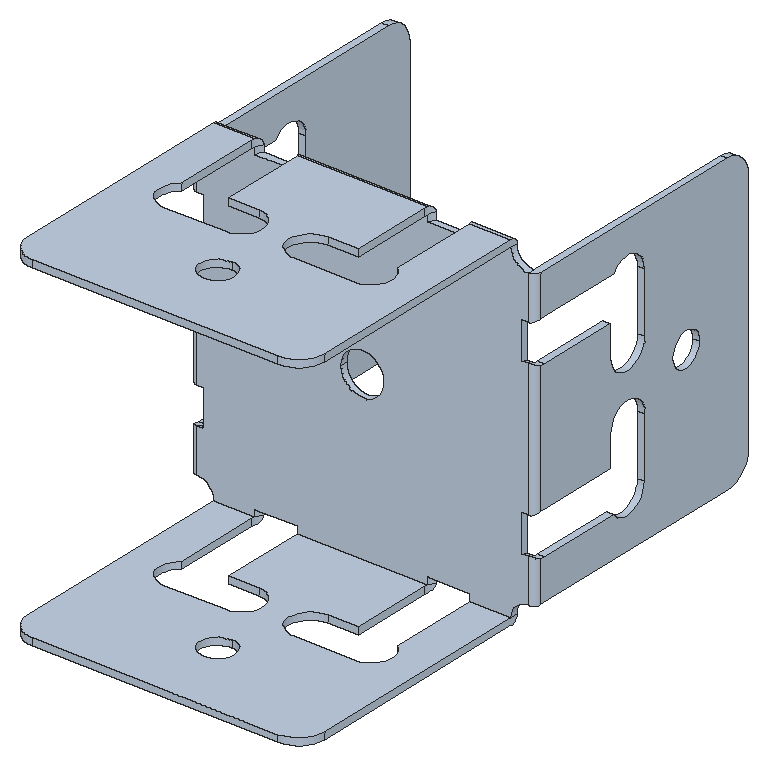
Revit family "MC38XL-s", category 機械設備, Revit 2020
Family settings
  丸型コネクタ寸法 = 直径を使用
  パーツ タイプ = 標準
  OmniClass 番号 = 23.75.00.00
  OmniClass タイトル = Climate Control (HVAC)
  作業面ベース = いいえ
  常に垂直 = はい
  ロード時にボイドで切り取り = いいえ
  共有 = いいえ
  部屋計算ポイント = いいえ
Parameters
  既定の高さ = 0 mm
  MC38ｸﾛｽﾛｯｸ ﾏﾃﾘｱﾙ = 溶融亜鉛メッキ
Reference planes
  plane 1 "中心(正面/背面)": y = 0
  plane 2: z = 0
  plane 3 "中心(左/右)": x = 0
  plane 4: z = 19
  plane 5: x = -19.8
  plane 6: x = 19.8
  plane 7: x = -19.2
  plane 8: x = 19.2
Forms (mm)
  Extrusion 1, solid, material "溶融亜鉛メッキ" <- "MC38ｸﾛｽﾛｯｸ ﾏﾃﾘｱﾙ"
    sketch origin (0, 0, -0.2) x (1, 0, 0) y (0, 0, 1)
      loop
        circle (0, 19.2) r 2.5
      loop
        arc (17.2, 0) -> (17.786, 1.414) -> (19.2, 2) r 2
        line (19.2, 2) -> (19.2, 36.4)
        arc (19.2, 36.4) -> (17.786, 36.986) -> (17.2, 38.4) r 2
        line (17.2, 38.4) -> (-17.2, 38.4)
        arc (-17.2, 38.4) -> (-17.786, 36.986) -> (-19.2, 36.4) r 2
        line (-19.2, 36.4) -> (-19.2, 2)
        arc (-19.2, 2) -> (-17.786, 1.414) -> (-17.2, 0) r 2
        line (-17.2, 0) -> (17.2, 0)
    from 0 to -0.8
  Extrusion 2, void
    sketch origin (0, -0.5, -0.2) x (1, 0, 0) y (0, 1, 0)
      loop
        arc (4, -9.5) -> (1.5, -12.003) -> (4.005, -14.5) r 2.5
        line (4.005, -14.5) -> (11.005, -14.5)
        arc (11.005, -14.5) -> (13.373, -12.788) -> (12.5, -10) r 2.5
        line (12.5, -10) -> (12.5, 0)
        arc (12.5, 0) -> (12.304, 0.971) -> (11.745, 1.79) r 2.5
        line (11.745, 1.79) -> (8.255, 1.79)
        arc (8.255, 1.79) -> (7.696, 0.971) -> (7.5, 0) r 2.5
        line (7.5, 0) -> (7.5, -9.5) -> (4, -9.5)
      loop
        line (-4, -9.5) -> (-7.5, -9.5) -> (-7.5, 0)
        arc (-7.5, 0) -> (-7.696, 0.971) -> (-8.255, 1.79) r 2.5
        line (-8.255, 1.79) -> (-11.745, 1.79)
        arc (-11.745, 1.79) -> (-12.304, 0.971) -> (-12.5, 0) r 2.5
        line (-12.5, 0) -> (-12.5, -10)
        arc (-12.5, -10) -> (-13.373, -12.788) -> (-11.005, -14.5) r 2.5
        line (-11.005, -14.5) -> (-4.005, -14.5)
        arc (-4.005, -14.5) -> (-1.5, -12.003) -> (-4, -9.5) r 2.5
    from 37.6 to 39.2
  Extrusion 3, void
    sketch origin (0, -0.5, -38.6) x (1, 0, 0) y (0, 1, 0)
      loop
        arc (4, -9.5) -> (1.5, -12.003) -> (4.005, -14.5) r 2.5
        line (4.005, -14.5) -> (11.005, -14.5)
        arc (11.005, -14.5) -> (13.373, -12.788) -> (12.5, -10) r 2.5
        line (12.5, -10) -> (12.5, 0)
        arc (12.5, 0) -> (12.304, 0.971) -> (11.745, 1.79) r 2.5
        line (11.745, 1.79) -> (8.255, 1.79)
        arc (8.255, 1.79) -> (7.696, 0.971) -> (7.5, 0) r 2.5
        line (7.5, 0) -> (7.5, -9.5) -> (4, -9.5)
      loop
        line (-4, -9.5) -> (-7.5, -9.5) -> (-7.5, 0)
        arc (-7.5, 0) -> (-7.696, 0.971) -> (-8.255, 1.79) r 2.5
        line (-8.255, 1.79) -> (-11.745, 1.79)
        arc (-11.745, 1.79) -> (-12.304, 0.971) -> (-12.5, 0) r 2.5
        line (-12.5, 0) -> (-12.5, -10)
        arc (-12.5, -10) -> (-13.373, -12.788) -> (-11.005, -14.5) r 2.5
        line (-11.005, -14.5) -> (-4.005, -14.5)
        arc (-4.005, -14.5) -> (-1.5, -12.003) -> (-4, -9.5) r 2.5
    from 37.6 to 39.2
  Extrusion 4, solid, material "溶融亜鉛メッキ" <- "MC38ｸﾛｽﾛｯｸ ﾏﾃﾘｱﾙ"
    sketch origin (-18.8, 6.8, 19) x (-1, 0, 0) y (0, -1, 0)
      loop
        arc (-38, 6.8) -> (-38.566, 6.566) -> (-38.8, 6) r 0.8
        line (-38.8, 6) -> (-38.8, -24) -> (-38, -24) -> (-38, 6.8)
    from 17.2 to -17.2
  Extrusion 5, void
    sketch origin (-19.2, 1.3, 19) x (0, 0, -1) y (0, 1, 0)
      loop
        line (4, 9.5) -> (7.5, 9.5) -> (7.5, 0)
        arc (7.5, 0) -> (7.696, -0.971) -> (8.255, -1.79) r 2.5
        line (8.255, -1.79) -> (11.745, -1.79)
        arc (11.745, -1.79) -> (12.304, -0.971) -> (12.5, 0) r 2.5
        line (12.5, 0) -> (12.5, 10)
        arc (12.5, 10) -> (13.373, 12.788) -> (11.005, 14.5) r 2.5
        line (11.005, 14.5) -> (4.005, 14.5)
        arc (4.005, 14.5) -> (1.5, 12.003) -> (4, 9.5) r 2.5
      loop
        arc (-4, 9.5) -> (-1.5, 12.003) -> (-4.005, 14.5) r 2.5
        line (-4.005, 14.5) -> (-11.005, 14.5)
        arc (-11.005, 14.5) -> (-13.373, 12.788) -> (-12.5, 10) r 2.5
        line (-12.5, 10) -> (-12.5, 0)
        arc (-12.5, 0) -> (-12.304, -0.971) -> (-11.745, -1.79) r 2.5
        line (-11.745, -1.79) -> (-8.255, -1.79)
        arc (-8.255, -1.79) -> (-7.696, -0.971) -> (-7.5, 0) r 2.5
        line (-7.5, 0) -> (-7.5, 9.5) -> (-4, 9.5)
    from 37.6 to 39.2
  Extrusion 6, void
    sketch origin (-57.6, 1.3, 19) x (0, 0, -1) y (0, 1, 0)
      loop
        line (4, 9.5) -> (7.5, 9.5) -> (7.5, 0)
        arc (7.5, 0) -> (7.696, -0.971) -> (8.255, -1.79) r 2.5
        line (8.255, -1.79) -> (11.745, -1.79)
        arc (11.745, -1.79) -> (12.304, -0.971) -> (12.5, 0) r 2.5
        line (12.5, 0) -> (12.5, 10)
        arc (12.5, 10) -> (13.373, 12.788) -> (11.005, 14.5) r 2.5
        line (11.005, 14.5) -> (4.005, 14.5)
        arc (4.005, 14.5) -> (1.5, 12.003) -> (4, 9.5) r 2.5
      loop
        arc (-4, 9.5) -> (-1.5, 12.003) -> (-4.005, 14.5) r 2.5
        line (-4.005, 14.5) -> (-11.005, 14.5)
        arc (-11.005, 14.5) -> (-13.373, 12.788) -> (-12.5, 10) r 2.5
        line (-12.5, 10) -> (-12.5, 0)
        arc (-12.5, 0) -> (-12.304, -0.971) -> (-11.745, -1.79) r 2.5
        line (-11.745, -1.79) -> (-8.255, -1.79)
        arc (-8.255, -1.79) -> (-7.696, -0.971) -> (-7.5, 0) r 2.5
        line (-7.5, 0) -> (-7.5, 9.5) -> (-4, 9.5)
    from 37.6 to 39.2
  Extrusion 7, void
    sketch origin (0, 0, 0) x (0, 1, 0) y (0, 0, 1)
      loop
        line (30.8, 36.2) -> (27.8, 36.2)
        arc (27.8, 36.2) -> (29.921, 35.321) -> (30.8, 33.2) r 3
        line (30.8, 33.2) -> (30.8, 36.2)
      loop
        line (30.8, 1.8) -> (30.8, 4.8)
        arc (30.8, 4.8) -> (29.921, 2.679) -> (27.8, 1.8) r 3
        line (27.8, 1.8) -> (30.8, 1.8)
    from 19.2 to 20
  Extrusion 8, void
    sketch origin (0, 0, 0) x (0, 1, 0) y (0, 0, 1)
      loop
        circle (21.8, 19) r 2
    from 19.2 to 20
  Extrusion 9, solid, material "溶融亜鉛メッキ" <- "MC38ｸﾛｽﾛｯｸ ﾏﾃﾘｱﾙ"
    sketch origin (18.8, 6.8, 19) x (-1, 0, 0) y (0, -1, 0)
      loop
        line (38, 6.8) -> (38, -24) -> (38.8, -24) -> (38.8, 6)
        arc (38.8, 6) -> (38.566, 6.566) -> (38, 6.8) r 0.8
    from 17.2 to -17.2
  Extrusion 10, void
    sketch origin (0, 0, 0) x (0, 1, 0) y (0, 0, -1)
      loop
        line (30.8, -36.2) -> (30.8, -33.2)
        arc (30.8, -33.2) -> (29.921, -35.321) -> (27.8, -36.2) r 3
        line (27.8, -36.2) -> (30.8, -36.2)
      loop
        line (30.8, -1.8) -> (27.8, -1.8)
        arc (27.8, -1.8) -> (29.921, -2.679) -> (30.8, -4.8) r 3
        line (30.8, -4.8) -> (30.8, -1.8)
    from 19.2 to 20
  Extrusion 11, void
    sketch origin (0, 0, 0) x (0, 1, 0) y (0, 0, -1)
      loop
        circle (21.8, -19) r 2
    from 19.2 to 20
  Extrusion 12, solid, material "溶融亜鉛メッキ" <- "MC38ｸﾛｽﾛｯｸ ﾏﾃﾘｱﾙ"
    sketch origin (0, -6, 37.8) x (0, 1, 0) y (0, 0, -1)
      loop
        arc (6.8, 38) -> (6.566, 38.566) -> (6, 38.8) r 0.8
        line (6, 38.8) -> (-24, 38.8) -> (-24, 38) -> (6.8, 38)
    from 17.2 to -17.2
  Extrusion 13, void
    sketch origin (-19, 0.797, 19) x (-1, 0, 0) y (0, -1, 0)
      loop
        circle (-19, 21.8) r 2
    from 19.2 to 20
  Extrusion 14, solid, material "溶融亜鉛メッキ" <- "MC38ｸﾛｽﾛｯｸ ﾏﾃﾘｱﾙ"
    sketch origin (0, -6, 0.2) x (0, 1, 0) y (0, 0, -1)
      loop
        line (6.8, -38) -> (-24, -38) -> (-24, -38.8) -> (6, -38.8)
        arc (6, -38.8) -> (6.566, -38.566) -> (6.8, -38) r 0.8
    from 17.2 to -17.2
  Extrusion 15, void
    sketch origin (-19, 0.797, 19) x (0, -1, 0) y (1, 0, 0)
      loop
        line (30.797, 1.8) -> (30.797, 4.8)
        arc (30.797, 4.8) -> (29.919, 2.679) -> (27.797, 1.8) r 3
        line (27.797, 1.8) -> (30.797, 1.8)
      loop
        line (30.797, 36.2) -> (27.797, 36.2)
        arc (27.797, 36.2) -> (29.919, 35.321) -> (30.797, 33.2) r 3
        line (30.797, 33.2) -> (30.797, 36.2)
    from 19.2 to 20
  Extrusion 16, void
    sketch origin (-19, 0.797, -20.2) x (0, -1, 0) y (1, 0, 0)
      loop
        line (30.797, 1.8) -> (30.797, 4.8)
        arc (30.797, 4.8) -> (29.919, 2.679) -> (27.797, 1.8) r 3
        line (27.797, 1.8) -> (30.797, 1.8)
      loop
        line (30.797, 36.2) -> (27.797, 36.2)
        arc (27.797, 36.2) -> (29.919, 35.321) -> (30.797, 33.2) r 3
        line (30.797, 33.2) -> (30.797, 36.2)
    from 19.2 to 20
  Extrusion 17, void
    sketch origin (0, 0, 0) x (1, 0, 0) y (0, 1, 0)
      loop
        circle (0, -21.003) r 2
    from -0.2 to -1
Cuts and joins
  Extrusion 2, Extrusion 3, Extrusion 5, Extrusion 6, Extrusion 7, Extrusion 8, Extrusion 10, Extrusion 11, Extrusion 13 cuts Extrusion 1
  Extrusion 5, Extrusion 7, Extrusion 8, Extrusion 10, Extrusion 11, Extrusion 13 cuts Extrusion 4
  Extrusion 6, Extrusion 10, Extrusion 11, Extrusion 15 cuts Extrusion 9
  Extrusion 3, Extrusion 16, Extrusion 17 cuts Extrusion 12
  Extrusion 2, Extrusion 13, Extrusion 15, Extrusion 16 cuts Extrusion 14
  joined: Extrusion 1, Extrusion 4, Extrusion 9, Extrusion 12, Extrusion 14
Dimensions and locks
  aligned and locked: level to plane 2
